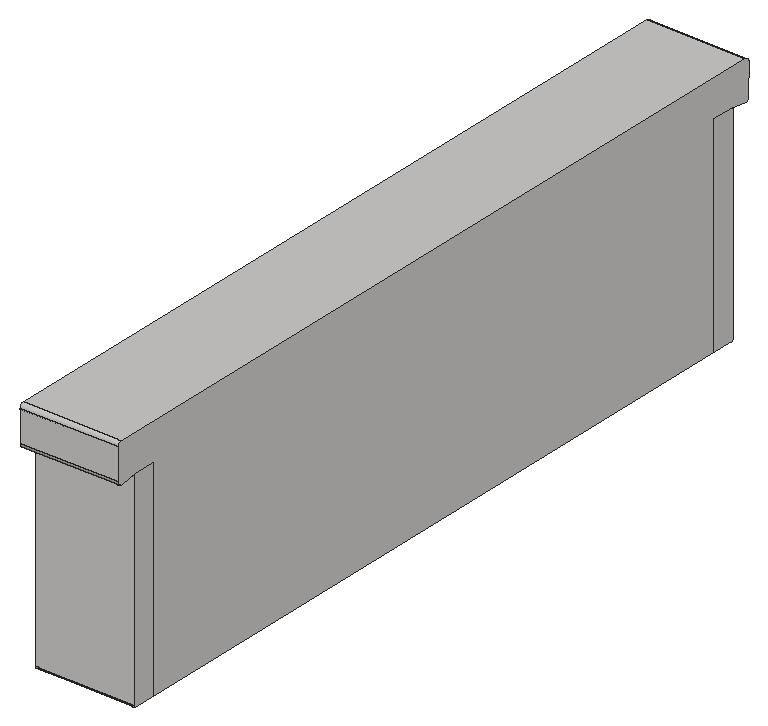
Revit family "QF_ELECTROLUXPROFESSIONAL_588102_MANABAAOOO", category Specialty Equipment, Revit 2018
Family settings
  Round Connector Dimension = Use Diameter
  Part Type = Normal
  Work Plane-Based = No
  Always vertical = Yes
  Cut with Voids When Loaded = No
  Shared = No
  Room Calculation Point = No
Parameters
  Weight in Pounds = 11.02
  URL Cutsheet = "www.electrolux.com/professional"
  URL = "www.electrolux.com/professional"
  Type Mark [instance] = ""
  Status [instance] = ""
  Specification by User [instance] = ""
  Specification by Manufacturer = ""
  Serial Number = ""
  Seismic Rating = ""
  SMACNA No = ""
  Revision Code [instance] = ""
  Omniclass Number and Title = ""
  NAFEM Spec ID Number = ""
  Model = "588102"
  Masterspec = ""
  Manufacturer = "ELECTROLUX"
  Item Number [instance] = ""
  Installed By [instance] = ""
  Identify Quantity as Lot [instance] = yes
  Furnished By [instance] = ""
  Foodservice Equipment Identifier [instance] = yes
  Direct Waste Size = 0"
  Description = "CLOSED WORK TOP,1-SIDE,100X800X250H"
  CSI MasterFormat = ""
  CSI Master Format = ""
Reference planes
  plane 1 "BACK": y = 0
  plane 2: z = 0
  plane 3 "LEFT": x = 0
  plane 4 "RIGHT": x = 100
  plane 5 "FRONT": y = -800
  plane 6 "TOP": z = 250
  plane 7 "Center Y": x = 50
  plane 8 "Center X": y = -400
Forms (mm)
  Extrusion 1, solid, material "QF_Finishes_Stainless Steel"
    sketch origin (0, 50.048, 0) x (0, 1, 0) y (0, 0, 1)
      loop
        line (-95.048, 213) -> (-71.412, 213) -> (-54.743, 210.061)
        arc (-54.743, 210.061) -> (-51.477, 210.936) -> (-50.048, 214) r 4
        line (-50.048, 214) -> (-50.048, 246)
        arc (-50.048, 246) -> (-51.22, 248.828) -> (-54.048, 250) r 4
        line (-54.048, 250) -> (-846.048, 250)
        arc (-846.048, 250) -> (-848.877, 248.828) -> (-850.048, 246) r 4
        line (-850.048, 246) -> (-850.048, 214)
        arc (-850.048, 214) -> (-848.619, 210.936) -> (-845.353, 210.061) r 4
        line (-845.353, 210.061) -> (-828.509, 213) -> (-805.048, 213) -> (-805.048, 0) -> (-95.048, 0) -> (-95.048, 213)
    from 0 to 100
  Extrusion 2, solid, material "QF_Finishes_Stainless Steel"
    sketch origin (0, 50.048, 0) x (0, 1, 0) y (0, 0, 1)
      loop
        arc (-828.048, 213) -> (-829.462, 212.414) -> (-830.048, 211) r 2
        line (-830.048, 211) -> (-830.048, 2)
        arc (-830.048, 2) -> (-829.462, 0.586) -> (-828.048, 0) r 2
        line (-828.048, 0) -> (-805.048, 0) -> (-805.048, 213) -> (-828.048, 213)
      loop
        line (-72.048, 213) -> (-95.048, 213) -> (-95.048, 0) -> (-72.048, 0)
        arc (-72.048, 0) -> (-70.634, 0.586) -> (-70.048, 2) r 2
        line (-70.048, 2) -> (-70.048, 211)
        arc (-70.048, 211) -> (-70.634, 212.414) -> (-72.048, 213) r 2
    from 0 to 100
Lines and regions (mm)
  symbolic lines
    curve 1: line (0, 0, 0) -> (100, 0, 0)
    curve 2: line (0, -800, 0) -> (0, 0, 0)
    curve 3: line (100, -800, 0) -> (0, -800, 0)
    curve 4: line (100, 0, 0) -> (100, -800, 0)
Dimensions and locks
  equal spacing: plane 3 "LEFT", plane 7 "Center Y", plane 4 "RIGHT"
  plane 3 "LEFT" to plane 4 "RIGHT" = 100.00 mm
  equal spacing: plane 5 "FRONT", plane 8 "Center X", plane 1 "BACK"
  plane 5 "FRONT" to plane 1 "BACK" = 800.00 mm
  plane 6 "TOP" to level = 250.00 mm
  aligned and locked: level to plane 2
  aligned and locked: Extrusion 1 to plane 4 "RIGHT"
  aligned and locked: Extrusion 2 to plane 4 "RIGHT"
Automatic sketch dimensions
  Extrusion 1 sketch curve to plane 6 "TOP" = 0.00 mm
  Extrusion 1 sketch curve to level = 0.00 mm
  Extrusion 1 sketch curve to plane 6 "TOP" = 36.00 mm
  plane 5 "FRONT" to Extrusion 1 sketch curve = 0.00 mm
  Extrusion 1 sketch curve to plane 6 "TOP" = 39.939 mm
  Extrusion 1 sketch curve to Extrusion 1 sketch curve = 4.00 mm
  Extrusion 1 sketch curve to Extrusion 1 sketch curve = 4.695 mm  (x2)
  Extrusion 1 sketch curve to Extrusion 1 sketch curve = 16.844 mm
  Extrusion 1 sketch curve to plane 5 "FRONT" = 45.00 mm
  plane 1 "BACK" to Extrusion 1 sketch curve = 45.00 mm
  Extrusion 1 sketch curve to Extrusion 1 sketch curve = 23.636 mm
  Extrusion 1 sketch curve to Extrusion 1 sketch curve = 17.364 mm
  Extrusion 1 sketch curve to Extrusion 1 sketch curve = 21.364 mm
  Extrusion 1 sketch curve to Extrusion 1 sketch curve = 0.00 mm  (x2)
  Extrusion 1 sketch curve to Extrusion 1 sketch curve = 0.695 mm
  Extrusion 1 sketch curve to plane 6 "TOP" = 37.00 mm  (x2)
  Extrusion 1 sketch curve to Extrusion 1 sketch curve = 1.00 mm
  Extrusion 2 sketch curve to level = 0.00 mm  (x2)
  level to Extrusion 2 sketch curve = 2.00 mm  (x2)
  Extrusion 2 sketch curve to plane 5 "FRONT" = 20.00 mm
  Extrusion 2 sketch curve to Extrusion 2 sketch curve = 2.00 mm
  Extrusion 2 sketch curve to Extrusion 2 sketch curve = 23.00 mm
  plane 1 "BACK" to Extrusion 2 sketch curve = 45.00 mm
  plane 1 "BACK" to Extrusion 2 sketch curve = 22.00 mm  (x2)
  Extrusion 2 sketch curve to plane 6 "TOP" = 39.00 mm  (x2)
  curve 3 to plane 3 "LEFT" = 0.00 mm
  curve 3 to plane 4 "RIGHT" = 0.00 mm
  plane 1 "BACK" to curve 2 = 0.00 mm
  curve 4 to plane 5 "FRONT" = 0.00 mm
